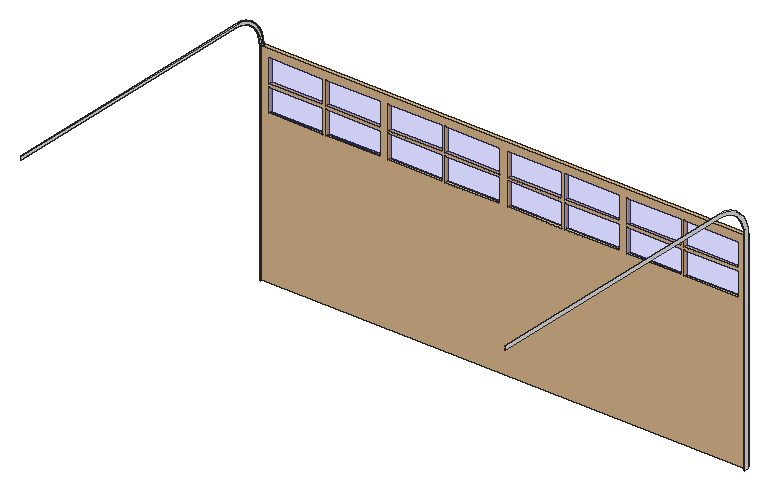
Revit family
Parameters (values of type "7Ft H x 16Ft W")
  Track Width = Width + 0' 2"  # 16' - 2"
  Track Height = Height + 1' 0"  # 8' - 0"
  Track Depth = 10' - 0"
  Track = Metal
  SmartBIM Object Version = 1  # constant formula
  SmartBIM Object Created By = "Reed Construction Data"  # constant formula
  Rough Width = 0' - 0"
  Rough Height = 0' - 0"
  Panel Thickness = 0' - 1 1/2"
  Manufacturer = ""
  Height = 7' - 0"
  Wall Closure = (empty or 0)
  Width = 16' - 0"
  Door Glass = Glass
  Door = Wood
  95 CSI = "08360"  # constant formula
  04 CSI = "08 36 13"  # constant formula
Types (3): name | Track Width | Width
  (no name) | 16' - 2" | 16' - 0"
  7Ft H x 8Ft W | 8' - 2" | 8' - 0"
  7Ft H x 16Ft W | 16' - 2" | 16' - 0"
Reference planes (in)
  plane 1 "Center (Front/Back)": y = 0
  plane 2 "Center (Left/Right)": x = 0
  plane 3 "Left": x = -96
  plane 4 "Right": x = 96
  plane 5 "Top": z = 84
  plane 6: x = -97
  plane 7: x = 97
  plane 8: y = -3.25
  plane 9: z = 60.75
  plane 10: z = 20.25
  plane 11: z = 40.5
  plane 12: z = 81
  plane 13: x = 48
  plane 14: x = -48
  plane 15: y = -2.5
  plane 16: y = -2.5
  plane 17 "Ext": y = -3.25
  plane 18: y = -2.5
  plane 19 "Int": y = -1.75
  plane 20: x = -72
  plane 21: x = -24
  plane 22: x = 24
  plane 23: x = 72
  plane 24: z = 70.875
Forms (in)
  Extrusion 1, solid, material "Wood" <- "Door"
    sketch origin (0, 0, 0) x (1, 0, 0) y (0, 0, 1)
      loop
        line (-97, 84) -> (-97, 0) -> (97, 0) -> (97, 84) -> (-97, 84)
      loop
        line (94.5, 60.75) -> (94.5, 70.375) -> (72.5, 70.375) -> (72.5, 60.75) -> (94.5, 60.75)
      loop
        line (46.5, 60.75) -> (46.5, 70.375) -> (24.5, 70.375) -> (24.5, 60.75) -> (46.5, 60.75)
      loop
        line (49.5, 81) -> (49.5, 71.375) -> (71.5, 71.375) -> (71.5, 81) -> (49.5, 81)
      loop
        line (94.5, 81) -> (72.5, 81) -> (72.5, 71.375) -> (94.5, 71.375) -> (94.5, 81)
      loop
        line (46.5, 81) -> (24.5, 81) -> (24.5, 71.375) -> (46.5, 71.375) -> (46.5, 81)
      loop
        line (-1.5, 60.75) -> (-1.5, 70.375) -> (-23.5, 70.375) -> (-23.5, 60.75) -> (-1.5, 60.75)
      loop
        line (1.5, 81) -> (1.5, 71.375) -> (23.5, 71.375) -> (23.5, 81) -> (1.5, 81)
      loop
        line (-1.5, 81) -> (-23.5, 81) -> (-23.5, 71.375) -> (-1.5, 71.375) -> (-1.5, 81)
      loop
        line (-49.5, 60.75) -> (-49.5, 70.375) -> (-71.5, 70.375) -> (-71.5, 60.75) -> (-49.5, 60.75)
      loop
        line (-46.5, 81) -> (-46.5, 71.375) -> (-24.5, 71.375) -> (-24.5, 81) -> (-46.5, 81)
      loop
        line (-49.5, 81) -> (-71.5, 81) -> (-71.5, 71.375) -> (-49.5, 71.375) -> (-49.5, 81)
      loop
        line (-94.5, 81) -> (-94.5, 71.375) -> (-72.5, 71.375) -> (-72.5, 81) -> (-94.5, 81)
      loop
        line (-72.5, 60.75) -> (-72.5, 70.375) -> (-94.5, 70.375) -> (-94.5, 60.75) -> (-72.5, 60.75)
      loop
        line (-24.5, 60.75) -> (-24.5, 70.375) -> (-46.5, 70.375) -> (-46.5, 60.75) -> (-24.5, 60.75)
      loop
        line (23.5, 60.75) -> (23.5, 70.375) -> (1.5, 70.375) -> (1.5, 60.75) -> (23.5, 60.75)
      loop
        line (71.5, 60.75) -> (71.5, 70.375) -> (49.5, 70.375) -> (49.5, 60.75) -> (71.5, 60.75)
    from 1.75 to 3.25
  Extrusion 2, solid, material "Glass" <- "Door Glass"
    sketch origin (0, 0, 0) x (1, 0, 0) y (0, 0, 1)
      loop
        line (94.5, 81) -> (49.5, 81) -> (49.5, 60.75) -> (94.5, 60.75) -> (94.5, 81)
      loop
        line (46.5, 81) -> (1.5, 81) -> (1.5, 60.75) -> (46.5, 60.75) -> (46.5, 81)
      loop
        line (-1.5, 81) -> (-46.5, 81) -> (-46.5, 60.75) -> (-1.5, 60.75) -> (-1.5, 81)
      loop
        line (-49.5, 81) -> (-94.5, 81) -> (-94.5, 60.75) -> (-49.5, 60.75) -> (-49.5, 81)
    from 2.375 to 2.625
Lines and regions (in)
  Opening 1
    outline origin (-90, -1.75, 0) x (1, 0, 0) y (0, 0, 1)
      loop
        line (-6, 0) -> (186, 0) -> (186, 84) -> (-6, 84) -> (-6, 0)
  model lines
    curve 1: line (1.5, -1.75, 42) -> (46.5, -1.75, 42)
    curve 2: line (94.5, -1.75, 42) -> (94.5, -1.75, 59.25)
    curve 3: line (94.5, -1.75, 59.25) -> (49.5, -1.75, 59.25)
    curve 4: line (93, -1.75, 57.75) -> (51, -1.75, 57.75)
    curve 5: line (3, -1.75, 43.5) -> (45, -1.75, 43.5)
    curve 6: line (93, -1.75, 43.5) -> (93, -1.75, 57.75)
    curve 7: line (1.5, -1.75, 59.25) -> (1.5, -1.75, 42)
    curve 8: line (3, -1.75, 57.75) -> (3, -1.75, 43.5)
    curve 9: line (-1.5, -1.75, 59.25) -> (-1.5, -1.75, 42)
    curve 10: line (-1.5, -1.75, 42) -> (-46.5, -1.75, 42)
    curve 11: line (-94.5, -1.75, 59.25) -> (-49.5, -1.75, 59.25)
    curve 12: line (-93, -1.75, 57.75) -> (-51, -1.75, 57.75)
    curve 13: line (-3, -1.75, 57.75) -> (-3, -1.75, 43.5)
    curve 14: line (-3, -1.75, 43.5) -> (-45, -1.75, 43.5)
    curve 15: line (-94.5, -1.75, 59.25) -> (-94.5, -1.75, 42)
    curve 16: line (-93, -1.75, 57.75) -> (-93, -1.75, 43.5)
    curve 17: line (-94.5, -1.75, 39) -> (-94.5, -1.75, 21.75)
    curve 18: line (-93, -1.75, 37.5) -> (-93, -1.75, 23.25)
    curve 19: line (-94.5, -1.75, 21.75) -> (-49.5, -1.75, 21.75)
    curve 20: line (-1.5, -1.75, 21.75) -> (-1.5, -1.75, 39)
    curve 21: line (-1.5, -1.75, 39) -> (-46.5, -1.75, 39)
    curve 22: line (-3, -1.75, 37.5) -> (-45, -1.75, 37.5)
    curve 23: line (-93, -1.75, 23.25) -> (-51, -1.75, 23.25)
    curve 24: line (-3, -1.75, 23.25) -> (-3, -1.75, 37.5)
    curve 25: line (1.5, -1.75, 21.75) -> (1.5, -1.75, 39)
    curve 26: line (3, -1.75, 23.25) -> (3, -1.75, 37.5)
    curve 27: line (1.5, -1.75, 21.75) -> (46.5, -1.75, 21.75)
    curve 28: line (94.5, -1.75, 21.75) -> (94.5, -1.75, 39)
    curve 29: line (94.5, -1.75, 39) -> (49.5, -1.75, 39)
    curve 30: line (93, -1.75, 37.5) -> (51, -1.75, 37.5)
    curve 31: line (3, -1.75, 23.25) -> (45, -1.75, 23.25)
    curve 32: line (93, -1.75, 23.25) -> (93, -1.75, 37.5)
    curve 33: line (-94.5, -1.75, 1.5) -> (-94.5, -1.75, 18.75)
    curve 34: line (-93, -1.75, 3) -> (-93, -1.75, 17.25)
    curve 35: line (-1.5, -1.75, 1.5) -> (-1.5, -1.75, 18.75)
    curve 36: line (-1.5, -1.75, 18.75) -> (-46.5, -1.75, 18.75)
    curve 37: line (-94.5, -1.75, 1.5) -> (-49.5, -1.75, 1.5)
    curve 38: line (-93, -1.75, 3) -> (-51, -1.75, 3)
    curve 39: line (-3, -1.75, 3) -> (-3, -1.75, 17.25)
    curve 40: line (-3, -1.75, 17.25) -> (-45, -1.75, 17.25)
    curve 41: line (1.5, -1.75, 1.5) -> (1.5, -1.75, 18.75)
    curve 42: line (3, -1.75, 3) -> (3, -1.75, 17.25)
    curve 43: line (94.5, -1.75, 1.5) -> (94.5, -1.75, 18.75)
    curve 44: line (94.5, -1.75, 18.75) -> (49.5, -1.75, 18.75)
    curve 45: line (1.5, -1.75, 1.5) -> (46.5, -1.75, 1.5)
    curve 46: line (3, -1.75, 3) -> (45, -1.75, 3)
    curve 47: line (93, -1.75, 3) -> (93, -1.75, 17.25)
    curve 48: line (93, -1.75, 17.25) -> (51, -1.75, 17.25)
    curve 49: line (3, -1.75, 57.75) -> (1.5, -1.75, 59.25)
    curve 50: line (3, -1.75, 43.5) -> (1.5, -1.75, 42)
    curve 51: line (93, -1.75, 57.75) -> (94.5, -1.75, 59.25)
    curve 52: line (93, -1.75, 43.5) -> (94.5, -1.75, 42)
    curve 53: line (93, -1.75, 23.25) -> (94.5, -1.75, 21.75)
    curve 54: line (93, -1.75, 37.5) -> (94.5, -1.75, 39)
    curve 55: line (93, -1.75, 17.25) -> (94.5, -1.75, 18.75)
    curve 56: line (93, -1.75, 3) -> (94.5, -1.75, 1.5)
    curve 57: line (3, -1.75, 17.25) -> (1.5, -1.75, 18.75)
    curve 58: line (3, -1.75, 3) -> (1.5, -1.75, 1.5)
    curve 59: line (-3, -1.75, 17.25) -> (-1.5, -1.75, 18.75)
    curve 60: line (-3, -1.75, 3) -> (-1.5, -1.75, 1.5)
    curve 61: line (-93, -1.75, 17.25) -> (-94.5, -1.75, 18.75)
    curve 62: line (-93, -1.75, 3) -> (-94.5, -1.75, 1.5)
    curve 63: line (-93, -1.75, 23.25) -> (-94.5, -1.75, 21.75)
    curve 64: line (-93, -1.75, 37.5) -> (-94.5, -1.75, 39)
    curve 65: line (-3, -1.75, 23.25) -> (-1.5, -1.75, 21.75)
    curve 66: line (-3, -1.75, 37.5) -> (-1.5, -1.75, 39)
    curve 67: line (3, -1.75, 23.25) -> (1.5, -1.75, 21.75)
    curve 68: line (3, -1.75, 37.5) -> (1.5, -1.75, 39)
    curve 69: line (-3, -1.75, 57.75) -> (-1.5, -1.75, 59.25)
    curve 70: line (-3, -1.75, 43.5) -> (-1.5, -1.75, 42)
    curve 71: line (-93, -1.75, 57.75) -> (-94.5, -1.75, 59.25)
    curve 72: line (-93, -1.75, 43.5) -> (-94.5, -1.75, 42)
    curve 73: line (-94.5, -3.25, 59.25) -> (-49.5, -3.25, 59.25)
    curve 74: line (-1.5, -3.25, 59.25) -> (-1.5, -3.25, 42)
    curve 75: line (-1.5, -3.25, 42) -> (-46.5, -3.25, 42)
    curve 76: line (-94.5, -3.25, 42) -> (-94.5, -3.25, 59.25)
    curve 77: line (-93, -3.25, 57.75) -> (-51, -3.25, 57.75)
    curve 78: line (-3, -3.25, 57.75) -> (-3, -3.25, 43.5)
    curve 79: line (-3, -3.25, 43.5) -> (-45, -3.25, 43.5)
    curve 80: line (-93, -3.25, 43.5) -> (-93, -3.25, 57.75)
    curve 81: line (3, -3.25, 57.75) -> (3, -3.25, 43.5)
    curve 82: line (3, -3.25, 43.5) -> (45, -3.25, 43.5)
    curve 83: line (93, -3.25, 43.5) -> (93, -3.25, 57.75)
    curve 84: line (93, -3.25, 57.75) -> (51, -3.25, 57.75)
    curve 85: line (1.5, -3.25, 42) -> (46.5, -3.25, 42)
    curve 86: line (94.5, -3.25, 42) -> (94.5, -3.25, 59.25)
    curve 87: line (94.5, -3.25, 59.25) -> (49.5, -3.25, 59.25)
    curve 88: line (1.5, -3.25, 59.25) -> (1.5, -3.25, 42)
    curve 89: line (3, -3.25, 23.25) -> (45, -3.25, 23.25)
    curve 90: line (93, -3.25, 23.25) -> (93, -3.25, 37.5)
    curve 91: line (93, -3.25, 37.5) -> (51, -3.25, 37.5)
    curve 92: line (3, -3.25, 37.5) -> (3, -3.25, 23.25)
    curve 93: line (1.5, -3.25, 21.75) -> (46.5, -3.25, 21.75)
    curve 94: line (94.5, -3.25, 21.75) -> (94.5, -3.25, 39)
    curve 95: line (94.5, -3.25, 39) -> (49.5, -3.25, 39)
    curve 96: line (1.5, -3.25, 39) -> (1.5, -3.25, 21.75)
    curve 97: line (-3, -3.25, 37.5) -> (-45, -3.25, 37.5)
    curve 98: line (-93, -3.25, 37.5) -> (-93, -3.25, 23.25)
    curve 99: line (-93, -3.25, 23.25) -> (-51, -3.25, 23.25)
    curve 100: line (-3, -3.25, 23.25) -> (-3, -3.25, 37.5)
    curve 101: line (-94.5, -3.25, 39) -> (-94.5, -3.25, 21.75)
    curve 102: line (-94.5, -3.25, 21.75) -> (-49.5, -3.25, 21.75)
    curve 103: line (-1.5, -3.25, 21.75) -> (-1.5, -3.25, 39)
    curve 104: line (-1.5, -3.25, 39) -> (-46.5, -3.25, 39)
    curve 105: line (-93, -3.25, 3) -> (-93, -3.25, 17.25)
    curve 106: line (-93, -3.25, 17.25) -> (-51, -3.25, 17.25)
    curve 107: line (-3, -3.25, 17.25) -> (-3, -3.25, 3)
    curve 108: line (-3, -3.25, 3) -> (-45, -3.25, 3)
    curve 109: line (-94.5, -3.25, 1.5) -> (-49.5, -3.25, 1.5)
    curve 110: line (-1.5, -3.25, 1.5) -> (-1.5, -3.25, 18.75)
    curve 111: line (-1.5, -3.25, 18.75) -> (-46.5, -3.25, 18.75)
    curve 112: line (-94.5, -3.25, 18.75) -> (-94.5, -3.25, 1.5)
    curve 113: line (1.5, -3.25, 1.5) -> (46.5, -3.25, 1.5)
    curve 114: line (94.5, -3.25, 1.5) -> (94.5, -3.25, 18.75)
    curve 115: line (94.5, -3.25, 18.75) -> (49.5, -3.25, 18.75)
    curve 116: line (1.5, -3.25, 18.75) -> (1.5, -3.25, 1.5)
    curve 117: line (93, -3.25, 17.25) -> (51, -3.25, 17.25)
    curve 118: line (3, -3.25, 17.25) -> (3, -3.25, 3)
    curve 119: line (3, -3.25, 3) -> (45, -3.25, 3)
    curve 120: line (93, -3.25, 3) -> (93, -3.25, 17.25)
    curve 121: line (-93, -3.25, 57.75) -> (-94.5, -3.25, 59.25)
    curve 122: line (-3, -3.25, 57.75) -> (-1.5, -3.25, 59.25)
    curve 123: line (-3, -3.25, 43.5) -> (-1.5, -3.25, 42)
    curve 124: line (-93, -3.25, 43.5) -> (-94.5, -3.25, 42)
    curve 125: line (3, -3.25, 57.75) -> (1.5, -3.25, 59.25)
    curve 126: line (93, -3.25, 57.75) -> (94.5, -3.25, 59.25)
    curve 127: line (93, -3.25, 43.5) -> (94.5, -3.25, 42)
    curve 128: line (3, -3.25, 43.5) -> (1.5, -3.25, 42)
    curve 129: line (3, -3.25, 37.5) -> (1.5, -3.25, 39)
    curve 130: line (93, -3.25, 37.5) -> (94.5, -3.25, 39)
    curve 131: line (93, -3.25, 23.25) -> (94.5, -3.25, 21.75)
    curve 132: line (3, -3.25, 23.25) -> (1.5, -3.25, 21.75)
    curve 133: line (-3, -3.25, 23.25) -> (-1.5, -3.25, 21.75)
    curve 134: line (-3, -3.25, 37.5) -> (-1.5, -3.25, 39)
    curve 135: line (-93, -3.25, 37.5) -> (-94.5, -3.25, 39)
    curve 136: line (-93, -3.25, 23.25) -> (-94.5, -3.25, 21.75)
    curve 137: line (-93, -3.25, 17.25) -> (-94.5, -3.25, 18.75)
    curve 138: line (-3, -3.25, 17.25) -> (-1.5, -3.25, 18.75)
    curve 139: line (-3, -3.25, 3) -> (-1.5, -3.25, 1.5)
    curve 140: line (-93, -3.25, 3) -> (-94.5, -3.25, 1.5)
    curve 141: line (3, -3.25, 3) -> (1.5, -3.25, 1.5)
    curve 142: line (3, -3.25, 17.25) -> (1.5, -3.25, 18.75)
    curve 143: line (93, -3.25, 17.25) -> (94.5, -3.25, 18.75)
    curve 144: line (93, -3.25, 3) -> (94.5, -3.25, 1.5)
    curve 145: line (-49.5, -3.25, 1.5) -> (-49.5, -3.25, 18.75)
    curve 146: line (-46.5, -3.25, 59.25) -> (-46.5, -3.25, 42)
    curve 147: line (46.5, -3.25, 1.5) -> (46.5, -3.25, 18.75)
    curve 148: line (49.5, -3.25, 59.25) -> (49.5, -3.25, 42)
    curve 149: line (45, -3.25, 3) -> (45, -3.25, 17.25)
    curve 150: line (51, -3.25, 57.75) -> (51, -3.25, 43.5)
    curve 151: line (-45, -3.25, 57.75) -> (-45, -3.25, 43.5)
    curve 152: line (-51, -3.25, 3) -> (-51, -3.25, 17.25)
    curve 153: line (-51, -3.25, 23.25) -> (-51, -3.25, 37.5)
    curve 154: line (-46.5, -3.25, 18.75) -> (-46.5, -3.25, 1.5)
    curve 155: line (-45, -3.25, 17.25) -> (-45, -3.25, 3)
    curve 156: line (45, -3.25, 23.25) -> (45, -3.25, 37.5)
    curve 157: line (46.5, -3.25, 21.75) -> (46.5, -3.25, 39)
    curve 158: line (49.5, -3.25, 18.75) -> (49.5, -3.25, 1.5)
    curve 159: line (51, -3.25, 17.25) -> (51, -3.25, 3)
    curve 160: line (45, -3.25, 17.25) -> (3, -3.25, 17.25)
    curve 161: line (46.5, -3.25, 18.75) -> (1.5, -3.25, 18.75)
    curve 162: line (49.5, -3.25, 21.75) -> (94.5, -3.25, 21.75)
    curve 163: line (51, -3.25, 23.25) -> (93, -3.25, 23.25)
    curve 164: line (45, -3.25, 37.5) -> (3, -3.25, 37.5)
    curve 165: line (46.5, -3.25, 39) -> (1.5, -3.25, 39)
    curve 166: line (49.5, -3.25, 42) -> (94.5, -3.25, 42)
    curve 167: line (51, -3.25, 43.5) -> (93, -3.25, 43.5)
    curve 168: line (45, -3.25, 57.75) -> (3, -3.25, 57.75)
    curve 169: line (46.5, -3.25, 59.25) -> (1.5, -3.25, 59.25)
    curve 170: line (49.5, -3.25, 1.5) -> (94.5, -3.25, 1.5)
    curve 171: line (51, -3.25, 3) -> (93, -3.25, 3)
    curve 172: line (-46.5, -3.25, 1.5) -> (-1.5, -3.25, 1.5)
    curve 173: line (-51, -3.25, 3) -> (-93, -3.25, 3)
    curve 174: line (-45, -3.25, 17.25) -> (-3, -3.25, 17.25)
    curve 175: line (-49.5, -3.25, 18.75) -> (-94.5, -3.25, 18.75)
    curve 176: line (-49.5, -3.25, 21.75) -> (-49.5, -3.25, 39)
    curve 177: line (45, -3.25, 43.5) -> (45, -3.25, 57.75)
    curve 178: line (46.5, -3.25, 42) -> (46.5, -3.25, 59.25)
    curve 179: line (49.5, -3.25, 39) -> (49.5, -3.25, 21.75)
    curve 180: line (51, -3.25, 37.5) -> (51, -3.25, 23.25)
    curve 181: line (-51, -3.25, 43.5) -> (-51, -3.25, 57.75)
    curve 182: line (-49.5, -3.25, 42) -> (-49.5, -3.25, 59.25)
    curve 183: line (-46.5, -3.25, 39) -> (-46.5, -3.25, 21.75)
    curve 184: line (-45, -3.25, 37.5) -> (-45, -3.25, 23.25)
    curve 185: line (-51, -3.25, 37.5) -> (-93, -3.25, 37.5)
    curve 186: line (-49.5, -3.25, 39) -> (-94.5, -3.25, 39)
    curve 187: line (-49.5, -3.25, 42) -> (-94.5, -3.25, 42)
    curve 188: line (-51, -3.25, 43.5) -> (-93, -3.25, 43.5)
    curve 189: line (-45, -3.25, 57.75) -> (-3, -3.25, 57.75)
    curve 190: line (-46.5, -3.25, 59.25) -> (-1.5, -3.25, 59.25)
    curve 191: line (-45, -3.25, 23.25) -> (-3, -3.25, 23.25)
    curve 192: line (-46.5, -3.25, 21.75) -> (-1.5, -3.25, 21.75)
    curve 193: line (-51, -3.25, 37.5) -> (-49.5, -3.25, 39)
    curve 194: line (-49.5, -3.25, 21.75) -> (-51, -3.25, 23.25)
    curve 195: line (-51, -3.25, 17.25) -> (-49.5, -3.25, 18.75)
    curve 196: line (-51, -3.25, 3) -> (-49.5, -3.25, 1.5)
    curve 197: line (-46.5, -3.25, 1.5) -> (-45, -3.25, 3)
    curve 198: line (-45, -3.25, 17.25) -> (-46.5, -3.25, 18.75)
    curve 199: line (-45, -3.25, 23.25) -> (-46.5, -3.25, 21.75)
    curve 200: line (-45, -3.25, 43.5) -> (-46.5, -3.25, 42)
    curve 201: line (-51, -3.25, 43.5) -> (-49.5, -3.25, 42)
    curve 202: line (45, -3.25, 43.5) -> (46.5, -3.25, 42)
    curve 203: line (49.5, -3.25, 42) -> (51, -3.25, 43.5)
    curve 204: line (51, -3.25, 37.5) -> (49.5, -3.25, 39)
    curve 205: line (45, -3.25, 37.5) -> (46.5, -3.25, 39)
    curve 206: line (45, -3.25, 23.25) -> (46.5, -3.25, 21.75)
    curve 207: line (51, -3.25, 17.25) -> (49.5, -3.25, 18.75)
    curve 208: line (45, -3.25, 17.25) -> (46.5, -3.25, 18.75)
    curve 209: line (45, -3.25, 3) -> (46.5, -3.25, 1.5)
    curve 210: line (49.5, -3.25, 1.5) -> (51, -3.25, 3)
    curve 211: line (46.5, -1.75, 59.25) -> (1.5, -1.75, 59.25)
    curve 212: line (45, -1.75, 57.75) -> (3, -1.75, 57.75)
    curve 213: line (51, -1.75, 43.5) -> (93, -1.75, 43.5)
    curve 214: line (49.5, -1.75, 42) -> (94.5, -1.75, 42)
    curve 215: line (46.5, -1.75, 39) -> (1.5, -1.75, 39)
    curve 216: line (45, -1.75, 37.5) -> (3, -1.75, 37.5)
    curve 217: line (51, -1.75, 23.25) -> (93, -1.75, 23.25)
    curve 218: line (49.5, -1.75, 21.75) -> (94.5, -1.75, 21.75)
    curve 219: line (46.5, -1.75, 18.75) -> (1.5, -1.75, 18.75)
    curve 220: line (45, -1.75, 17.25) -> (3, -1.75, 17.25)
    curve 221: line (51, -1.75, 3) -> (93, -1.75, 3)
    curve 222: line (49.5, -1.75, 1.5) -> (94.5, -1.75, 1.5)
    curve 223: line (51, -1.75, 17.25) -> (51, -1.75, 3)
    curve 224: line (51, -1.75, 3) -> (49.5, -1.75, 1.5)
    curve 225: line (49.5, -1.75, 1.5) -> (49.5, -1.75, 18.75)
    curve 226: line (49.5, -1.75, 18.75) -> (51, -1.75, 17.25)
    curve 227: line (46.5, -1.75, 1.5) -> (46.5, -1.75, 18.75)
    curve 228: line (46.5, -1.75, 18.75) -> (45, -1.75, 17.25)
    curve 229: line (45, -1.75, 17.25) -> (45, -1.75, 3)
    curve 230: line (45, -1.75, 3) -> (46.5, -1.75, 1.5)
    curve 231: line (51, -3.25, 23.25) -> (49.5, -3.25, 21.75)
    curve 232: line (51, -1.75, 37.5) -> (51, -1.75, 23.25)
    curve 233: line (51, -1.75, 23.25) -> (49.5, -1.75, 21.75)
    curve 234: line (49.5, -1.75, 21.75) -> (49.5, -1.75, 39)
    curve 235: line (49.5, -1.75, 39) -> (51, -1.75, 37.5)
    curve 236: line (46.5, -1.75, 21.75) -> (46.5, -1.75, 39)
    curve 237: line (46.5, -1.75, 39) -> (45, -1.75, 37.5)
    curve 238: line (45, -1.75, 37.5) -> (45, -1.75, 23.25)
    curve 239: line (45, -1.75, 23.25) -> (46.5, -1.75, 21.75)
    curve 240: line (-51, -3.25, 57.75) -> (-49.5, -3.25, 59.25)
    curve 241: line (-45, -3.25, 57.75) -> (-46.5, -3.25, 59.25)
    curve 242: line (51, -1.75, 57.75) -> (49.5, -1.75, 59.25)
    curve 243: line (45, -1.75, 57.75) -> (46.5, -1.75, 59.25)
    curve 244: line (51, -1.75, 43.5) -> (49.5, -1.75, 42)
    curve 245: line (49.5, -1.75, 42) -> (49.5, -1.75, 59.25)
    curve 246: line (51, -1.75, 43.5) -> (51, -1.75, 57.75)
    curve 247: line (45, -1.75, 57.75) -> (45, -1.75, 43.5)
    curve 248: line (45, -1.75, 43.5) -> (46.5, -1.75, 42)
    curve 249: line (46.5, -1.75, 42) -> (46.5, -1.75, 59.25)
    curve 250: line (-46.5, -1.75, 59.25) -> (-1.5, -1.75, 59.25)
    curve 251: line (-45, -1.75, 57.75) -> (-3, -1.75, 57.75)
    curve 252: line (-51, -1.75, 43.5) -> (-93, -1.75, 43.5)
    curve 253: line (-49.5, -1.75, 42) -> (-94.5, -1.75, 42)
    curve 254: line (-49.5, -1.75, 39) -> (-94.5, -1.75, 39)
    curve 255: line (-51, -1.75, 37.5) -> (-93, -1.75, 37.5)
    curve 256: line (-45, -1.75, 23.25) -> (-3, -1.75, 23.25)
    curve 257: line (-46.5, -1.75, 21.75) -> (-1.5, -1.75, 21.75)
    curve 258: line (-49.5, -1.75, 18.75) -> (-94.5, -1.75, 18.75)
    curve 259: line (-51, -1.75, 17.25) -> (-93, -1.75, 17.25)
    curve 260: line (-45, -1.75, 3) -> (-3, -1.75, 3)
    curve 261: line (-46.5, -1.75, 1.5) -> (-1.5, -1.75, 1.5)
    curve 262: line (-45, -1.75, 17.25) -> (-46.5, -1.75, 18.75)
    curve 263: line (-46.5, -1.75, 18.75) -> (-46.5, -1.75, 1.5)
    curve 264: line (-46.5, -1.75, 1.5) -> (-45, -1.75, 3)
    curve 265: line (-45, -1.75, 3) -> (-45, -1.75, 17.25)
    curve 266: line (-51, -1.75, 17.25) -> (-49.5, -1.75, 18.75)
    curve 267: line (-49.5, -1.75, 18.75) -> (-49.5, -1.75, 1.5)
    curve 268: line (-49.5, -1.75, 1.5) -> (-51, -1.75, 3)
    curve 269: line (-51, -1.75, 3) -> (-51, -1.75, 17.25)
    curve 270: line (-49.5, -1.75, 21.75) -> (-49.5, -1.75, 39)
    curve 271: line (-49.5, -1.75, 39) -> (-51, -1.75, 37.5)
    curve 272: line (-51, -1.75, 37.5) -> (-51, -1.75, 23.25)
    curve 273: line (-51, -1.75, 23.25) -> (-49.5, -1.75, 21.75)
    curve 274: line (-51, -1.75, 43.5) -> (-51, -1.75, 57.75)
    curve 275: line (-51, -1.75, 57.75) -> (-49.5, -1.75, 59.25)
    curve 276: line (-49.5, -1.75, 59.25) -> (-49.5, -1.75, 42)
    curve 277: line (-49.5, -1.75, 42) -> (-51, -1.75, 43.5)
    curve 278: line (-45, -1.75, 57.75) -> (-45, -1.75, 43.5)
    curve 279: line (-45, -1.75, 43.5) -> (-46.5, -1.75, 42)
    curve 280: line (-46.5, -1.75, 42) -> (-46.5, -1.75, 59.25)
    curve 281: line (-46.5, -1.75, 59.25) -> (-45, -1.75, 57.75)
    curve 282: line (45, -3.25, 57.75) -> (46.5, -3.25, 59.25)
    curve 283: line (51, -3.25, 57.75) -> (49.5, -3.25, 59.25)
    curve 284: line (-45, -1.75, 23.25) -> (-45, -1.75, 37.5)
    curve 285: line (-45, -1.75, 37.5) -> (-46.5, -1.75, 39)
    curve 286: line (-46.5, -1.75, 39) -> (-46.5, -1.75, 21.75)
    curve 287: line (-46.5, -1.75, 21.75) -> (-45, -1.75, 23.25)
Text (in)
  text "Exterior" at (-74.96733, 27.31104, 0), in view "Ref. Level"
  text "Interior" at (-76.69036, -30.31274, 0), in view "Ref. Level"
  text "Exterior" at (0, 40.15149, 123.01588), in view "Right"
  text "Interior" at (0, -64.39139, 123.01588), in view "Right"
  text "Interior" at (0, -31.01599, 123.00693), in view "Left"
  text "Exterior" at (0, 54.57065, 123.00693), in view "Left"
Dimensions and locks (in)
  equal spacing: plane 3 "Left", plane 2 "Center (Left/Right)", plane 4 "Right"
  "Height": level to plane 5 "Top"
  "Width": plane 3 "Left" to plane 4 "Right"
  locked: plane 6 to plane 3 "Left" at 1
  locked: plane 4 "Right" to plane 7 at 1
  locked: plane 12 to plane 5 "Top" at 3
  equal spacing: level, plane 10, plane 11, plane 9, plane 12
  equal spacing: plane 2 "Center (Left/Right)", plane 13, plane 4 "Right"
  equal spacing: plane 2 "Center (Left/Right)", plane 14, plane 3 "Left"
  locked: Extrusion 1 sketch curve to plane 4 "Right" at 1.5
  equal spacing: Extrusion 1 sketch curve, plane 13, Extrusion 1 sketch curve
  locked: Extrusion 1 sketch curve to Extrusion 1 sketch curve at 3  (x3)
  equal spacing: Extrusion 1 sketch curve, plane 2 "Center (Left/Right)", Extrusion 1 sketch curve
  equal spacing: Extrusion 1 sketch curve, plane 14, Extrusion 1 sketch curve
  locked: Extrusion 1 sketch curve to plane 3 "Left" at 1.5
  locked: Extrusion 2 to Extrusion 2 at 0.25  (x2)
  host wall to plane 15 to plane 8 = 0' - 0 3/4", 0' - 0 3/4"
  equal spacing: Extrusion 2, plane 16, Extrusion 2
  plane 14 to Extrusion 1 = 0' - 1 1/2"
  equal spacing: plane 17 "Ext", plane 18, plane 19 "Int"
  locked: curve 6 to curve 2 at 1.5
  locked: curve 4 to curve 3 at 1.5
  locked: curve 214 to curve 213 at 1.5
  locked: curve 8 to curve 7 at 1.5
  locked: curve 9 to curve 13 at 1.5
  locked: curve 15 to curve 16 at 1.5
  "Panel Thickness": plane 19 "Int" to plane 17 "Ext"
  equal spacing: Extrusion 1 sketch curve, plane 23, Extrusion 1 sketch curve  (x2)
  equal spacing: plane 13, plane 23, plane 4 "Right"
  equal spacing: plane 13, plane 22, plane 2 "Center (Left/Right)"
  equal spacing: Extrusion 1 sketch curve, plane 22, Extrusion 1 sketch curve
  locked: Extrusion 1 sketch curve to Extrusion 1 sketch curve at 1  (x4)
  equal spacing: plane 2 "Center (Left/Right)", plane 21, plane 14
  equal spacing: Extrusion 1 sketch curve, plane 21, Extrusion 1 sketch curve
  equal spacing: plane 3 "Left", plane 20, plane 14
  equal spacing: Extrusion 1 sketch curve, plane 20, Extrusion 1 sketch curve
  equal spacing: plane 12, plane 24, plane 9
  equal spacing: Extrusion 1 sketch curve, plane 24, Extrusion 1 sketch curve
  aligned and locked: plane 3 "Left" to Opening 1 sketch curve
  aligned and locked: plane 5 "Top" to Opening 1 sketch curve
  aligned and locked: Opening 1 sketch curve to plane 5 "Top"
  aligned and locked: Opening 1 sketch curve to plane 4 "Right"
  aligned and locked: Opening 1 sketch curve to level
  aligned and locked: Extrusion 1 sketch curve to plane 6
  aligned and locked: Extrusion 1 sketch curve to plane 7
  aligned and locked: Extrusion 1 sketch curve to level
  aligned and locked: Extrusion 1 sketch curve to host wall
  aligned and locked: plane 12 to Extrusion 1 sketch curve  (x4)
  aligned and locked: plane 9 to Extrusion 1 sketch curve  (x4)
  aligned and locked: Extrusion 1 sketch curve to plane 9
  aligned and locked: Extrusion 2 sketch curve to Extrusion 1  (x16)
  aligned and locked: plane 15 to plane 16
  aligned and locked: host wall to plane 19 "Int"
  aligned and locked: plane 16 to plane 18
  aligned and locked: plane 17 "Ext" to Extrusion 1
  aligned and locked: Extrusion 1 to host wall
  aligned and locked: Extrusion 1 sketch curve to Extrusion 1 sketch curve  (x18)
  aligned and locked: curve 73 to curve 11
  aligned and locked: curve 74 to curve 9
  aligned and locked: curve 75 to curve 10
  aligned and locked: curve 76 to curve 15
  aligned and locked: curve 77 to curve 12
  aligned and locked: curve 78 to curve 13
  aligned and locked: curve 79 to curve 14
  aligned and locked: curve 80 to curve 16
  aligned and locked: curve 81 to curve 8
  aligned and locked: curve 82 to curve 5
  aligned and locked: curve 83 to curve 6
  aligned and locked: curve 84 to curve 4
  aligned and locked: curve 85 to curve 1
  aligned and locked: curve 86 to curve 2
  aligned and locked: curve 87 to curve 3
  aligned and locked: curve 88 to curve 7
  aligned and locked: curve 89 to curve 31
  aligned and locked: curve 90 to curve 32
  aligned and locked: curve 91 to curve 30
  aligned and locked: curve 92 to curve 26
  aligned and locked: curve 93 to curve 27
  aligned and locked: curve 94 to curve 28
  aligned and locked: curve 95 to curve 29
  aligned and locked: curve 96 to curve 25
  aligned and locked: curve 97 to curve 22
  aligned and locked: curve 98 to curve 18
  aligned and locked: curve 99 to curve 23
  aligned and locked: curve 100 to curve 24
  aligned and locked: curve 101 to curve 17
  aligned and locked: curve 102 to curve 19
  aligned and locked: curve 103 to curve 20
  aligned and locked: curve 104 to curve 21
  aligned and locked: curve 105 to curve 34
  aligned and locked: curve 106 to curve 259
  aligned and locked: curve 107 to curve 39
  aligned and locked: curve 108 to curve 260
  aligned and locked: curve 109 to curve 37
  aligned and locked: curve 110 to curve 35
  aligned and locked: curve 111 to curve 36
  aligned and locked: curve 112 to curve 33
  aligned and locked: curve 113 to curve 45
  aligned and locked: curve 114 to curve 43
  aligned and locked: curve 115 to curve 44
  aligned and locked: curve 116 to curve 41
  aligned and locked: curve 117 to curve 48
  aligned and locked: curve 118 to curve 42
  aligned and locked: curve 119 to curve 46
  aligned and locked: curve 120 to curve 47
  aligned and locked: curve 121 to curve 71
  aligned and locked: curve 122 to curve 69
  aligned and locked: curve 123 to curve 70
  aligned and locked: curve 124 to curve 72
  aligned and locked: curve 125 to curve 49
  aligned and locked: curve 126 to curve 51
  aligned and locked: curve 127 to curve 52
  aligned and locked: curve 128 to curve 50
  aligned and locked: curve 129 to curve 68
  aligned and locked: curve 130 to curve 54
  aligned and locked: curve 131 to curve 53
  aligned and locked: curve 132 to curve 67
  aligned and locked: curve 133 to curve 65
  aligned and locked: curve 134 to curve 66
  aligned and locked: curve 135 to curve 64
  aligned and locked: curve 136 to curve 63
  aligned and locked: curve 137 to curve 61
  aligned and locked: curve 138 to curve 59
  aligned and locked: curve 139 to curve 60
  aligned and locked: curve 140 to curve 62
  aligned and locked: curve 141 to curve 58
  aligned and locked: curve 142 to curve 57
  aligned and locked: curve 143 to curve 55
  aligned and locked: curve 144 to curve 56
  aligned and locked: curve 199 to curve 195
  aligned and locked: curve 200 to curve 193
  aligned and locked: curve 205 to curve 203
  aligned and locked: curve 207 to curve 206
  aligned and locked: curve 223 to curve 159
  aligned and locked: curve 224 to curve 210
  aligned and locked: curve 225 to curve 158
  aligned and locked: curve 226 to curve 207
  aligned and locked: curve 227 to curve 147
  aligned and locked: curve 228 to curve 208
  aligned and locked: curve 229 to curve 149
  aligned and locked: curve 230 to curve 209
  aligned and locked: curve 232 to curve 180
  aligned and locked: curve 233 to curve 231
  aligned and locked: curve 234 to curve 179
  aligned and locked: curve 235 to curve 204
  aligned and locked: curve 236 to curve 157
  aligned and locked: curve 237 to curve 205
  aligned and locked: curve 238 to curve 156
  aligned and locked: curve 239 to curve 206
  aligned and locked: curve 245 to curve 148
  aligned and locked: curve 246 to curve 150
  aligned and locked: curve 247 to curve 177
  aligned and locked: curve 248 to curve 202
  aligned and locked: curve 249 to curve 178
  aligned and locked: curve 262 to curve 198
  aligned and locked: curve 263 to curve 154
  aligned and locked: curve 264 to curve 197
  aligned and locked: curve 265 to curve 155
  aligned and locked: curve 266 to curve 195
  aligned and locked: curve 267 to curve 145
  aligned and locked: curve 268 to curve 196
  aligned and locked: curve 269 to curve 152
  aligned and locked: curve 270 to curve 176
  aligned and locked: curve 271 to curve 193
  aligned and locked: curve 272 to curve 153
  aligned and locked: curve 273 to curve 194
  aligned and locked: curve 274 to curve 181
  aligned and locked: curve 275 to curve 240
  aligned and locked: curve 276 to curve 182
  aligned and locked: curve 277 to curve 201
  aligned and locked: curve 278 to curve 151
  aligned and locked: curve 279 to curve 200
  aligned and locked: curve 280 to curve 146
  aligned and locked: curve 281 to curve 241
  aligned and locked: curve 282 to curve 243
  aligned and locked: curve 283 to curve 242
  aligned and locked: curve 284 to curve 184
  aligned and locked: curve 286 to curve 183
  aligned and locked: curve 287 to curve 199
  aligned and locked: nested 1 to plane 2 "Center (Left/Right)"
  aligned and locked: nested 1 to plane 17 "Ext"
Automatic sketch dimensions
  Extrusion 1 sketch curve to plane 9 = 0' - 0"  (x3)
  Extrusion 1 sketch curve to plane 12 = 0' - 0"  (x4)
  Extrusion 1 sketch curve to Extrusion 1 sketch curve = 0' - 0"  (x6)
  plane 14 to Extrusion 1 sketch curve = 0' - 1 1/2"
  Extrusion 1 sketch curve to plane 2 "Center (Left/Right)" = 0' - 1 1/2"
  plane 2 "Center (Left/Right)" to Extrusion 1 sketch curve = 0' - 1 1/2"
  Extrusion 1 sketch curve to plane 13 = 0' - 1 1/2"
  Extrusion 1 sketch curve to Extrusion 1 sketch curve = 0' - 1"  (x2)
  Extrusion 1 sketch curve to plane 23 = 0' - 0 1/2"
  curve 258 to plane 3 "Left" = 0' - 1 1/2"
  curve 17 to plane 3 "Left" = 0' - 1 1/2"
  curve 15 to plane 3 "Left" = 0' - 1 1/2"
  curve 17 to curve 64 = 0' - 1 1/2"
  curve 33 to curve 259 = 0' - 1 1/2"
  plane 14 to curve 266 = 0' - 3"
  plane 14 to curve 255 = 0' - 3"
  plane 14 to curve 12 = 0' - 3"
  plane 14 to curve 277 = 0' - 1 1/2"
  plane 14 to curve 270 = 0' - 1 1/2"
  plane 14 to curve 268 = 0' - 1 1/2"
  curve 262 to plane 14 = 0' - 1 1/2"
  curve 285 to plane 14 = 0' - 1 1/2"
  curve 281 to plane 14 = 0' - 1 1/2"
  curve 36 to curve 40 = 0' - 1 1/2"
  curve 250 to curve 278 = 0' - 1 1/2"
  curve 21 to curve 22 = 0' - 1 1/2"
  curve 260 to plane 2 "Center (Left/Right)" = 0' - 3"
  curve 24 to plane 2 "Center (Left/Right)" = 0' - 3"
  curve 251 to plane 2 "Center (Left/Right)" = 0' - 3"
  curve 35 to plane 2 "Center (Left/Right)" = 0' - 1 1/2"
  curve 20 to plane 2 "Center (Left/Right)" = 0' - 1 1/2"
  plane 2 "Center (Left/Right)" to curve 1 = 0' - 1 1/2"
  plane 2 "Center (Left/Right)" to curve 68 = 0' - 1 1/2"
  plane 2 "Center (Left/Right)" to curve 58 = 0' - 1 1/2"
  curve 41 to curve 220 = 0' - 1 1/2"
  curve 25 to curve 67 = 0' - 1 1/2"
  plane 13 to curve 229 = 0' - 3"
  plane 13 to curve 243 = 0' - 3"
  plane 13 to curve 31 = 0' - 3"
  plane 13 to curve 236 = 0' - 1 1/2"
  plane 13 to curve 45 = 0' - 1 1/2"
  plane 13 to curve 243 = 0' - 1 1/2"
  curve 214 to plane 13 = 0' - 1 1/2"
  curve 234 to plane 13 = 0' - 1 1/2"
  curve 44 to plane 13 = 0' - 1 1/2"
  curve 44 to curve 223 = 0' - 1 1/2"
  curve 3 to curve 242 = 0' - 1 1/2"
  curve 29 to curve 30 = 0' - 1 1/2"
  plane 4 "Right" to curve 47 = 0' - 3"
  plane 4 "Right" to curve 51 = 0' - 3"
  plane 4 "Right" to curve 217 = 0' - 3"
  plane 4 "Right" to curve 28 = 0' - 1 1/2"
  plane 4 "Right" to curve 55 = 0' - 1 1/2"
  level to curve 43 = 0' - 1 1/2"
  level to curve 261 = 0' - 1 1/2"
  level to curve 227 = 0' - 1 1/2"
  level to curve 62 = 0' - 1 1/2"
  curve 35 to curve 60 = 0' - 1 1/2"
  curve 33 to curve 34 = 0' - 1 1/2"
  curve 43 to curve 221 = 0' - 1 1/2"
  curve 45 to curve 229 = 0' - 1 1/2"
  curve 259 to plane 10 = 0' - 3"
  curve 223 to plane 10 = 0' - 3"
  curve 42 to plane 10 = 0' - 3"
  curve 59 to plane 10 = 0' - 3"
  curve 227 to plane 10 = 0' - 1 1/2"
  curve 36 to plane 10 = 0' - 1 1/2"
  curve 33 to plane 10 = 0' - 1 1/2"
  curve 226 to plane 10 = 0' - 1 1/2"
  plane 10 to curve 236 = 0' - 1 1/2"
  plane 10 to curve 273 = 0' - 1 1/2"
  plane 10 to curve 65 = 0' - 1 1/2"
  plane 10 to curve 28 = 0' - 1 1/2"
  curve 257 to curve 287 = 0' - 1 1/2"
  curve 28 to curve 53 = 0' - 1 1/2"
  curve 19 to curve 273 = 0' - 1 1/2"
  curve 27 to curve 239 = 0' - 1 1/2"
  curve 272 to plane 11 = 0' - 3"
  curve 26 to plane 11 = 0' - 3"
  curve 30 to plane 11 = 0' - 3"
  curve 24 to plane 11 = 0' - 3"
  curve 215 to plane 11 = 0' - 1 1/2"
  curve 254 to plane 11 = 0' - 1 1/2"
  curve 286 to plane 11 = 0' - 1 1/2"
  curve 54 to plane 11 = 0' - 1 1/2"
  plane 11 to curve 50 = 0' - 1 1/2"
  plane 11 to curve 52 = 0' - 1 1/2"
  plane 11 to curve 70 = 0' - 1 1/2"
  plane 11 to curve 72 = 0' - 1 1/2"
  curve 15 to curve 72 = 0' - 1 1/2"
  curve 9 to curve 13 = 0' - 1 1/2"
  curve 1 to curve 5 = 0' - 1 1/2"
  curve 6 to plane 9 = 0' - 3"
  curve 71 to plane 9 = 0' - 3"
  curve 212 to plane 9 = 0' - 3"
  curve 69 to plane 9 = 0' - 3"
  curve 11 to plane 9 = 0' - 1 1/2"
  curve 250 to plane 9 = 0' - 1 1/2"
  curve 7 to plane 9 = 0' - 1 1/2"
Nested families (in)
  nested 1: "Door Track" at (-0.5, -64, 0), Width <- "Track Width", Height <- "Track Height", Depth <- "Track Depth", type "Door Track"
    with Width 16' - 2", Height 8' - 0", Depth 10' - 0"
Definition of nested family "Door Track"
  Parameters
    Width [instance] = 10' - 0"
    Track = Metal
    Height [instance] = 11' - 0"
    Depth [instance] = 10' - 0"
  Reference planes (in)
    plane 1 "Center (Front/Back)": y = 0
    plane 2: z = 0
    plane 3 "Center (Left/Right)": x = 0.5
    plane 4 "Back": y = 60
    plane 5 "Front": y = -60
    plane 6 "Left": x = -59.5
    plane 7 "Right": x = 60.5
    plane 8 "Top": z = 132
    plane 9 "Center (Up/Down)": z = 66
    plane 10: y = 60.75
    plane 11: y = 61.5
  Forms (in)
    Sweep 1, solid, material "Metal" <- "Track"
      path origin (60.5, 60, 48) x (0, 1, 0) y (0, 0, 1)
        loop
          line (0, -48) -> (0, 72)
          arc (0, 72) -> (-3.51472, 80.48528) -> (-12, 84) r 12
          line (-12, 84) -> (-120, 84)
      profile origin (60.5, -6, 132) x (0, 0, -1) y (1, 0, 0)
        loop
          line (-1.5, 0) -> (-1.375, 0) -> (-1.375, 0.375) -> (-0.125, 0.375) -> (-0.125, 0) -> (0, 0) -> (0, 0.5) -> (-1.5, 0.5) -> (-1.5, 0)
    Sweep 2, solid, material "Metal" <- "Track"
      path origin (-59.5, 60, 48) x (0, 1, 0) y (0, 0, 1)
        loop
          line (0, -48) -> (0, 72)
          arc (0, 72) -> (-3.51472, 80.48528) -> (-12, 84) r 12
          line (-12, 84) -> (-120, 84)
      profile origin (-59.5, -6, 132) x (0, 0, -1) y (1, 0, 0)
        loop
          line (-1.5, 0) -> (-1.5, -0.5) -> (0, -0.5) -> (0, 0) -> (-0.125, 0) -> (-0.125, -0.375) -> (-1.375, -0.375) -> (-1.375, 0) -> (-1.5, 0)
  Dimensions and locks (in)
    equal spacing: plane 6 "Left", plane 3 "Center (Left/Right)", plane 7 "Right"
    "Width": plane 6 "Left" to plane 7 "Right"
    equal spacing: plane 4 "Back", plane 1 "Center (Front/Back)", plane 5 "Front"
    "Depth": plane 4 "Back" to plane 5 "Front"
    "Height": plane 8 "Top" to plane 2
    equal spacing: plane 8 "Top", plane 9 "Center (Up/Down)", level
    locked: Sweep 2 sketch curve to Sweep 2 sketch curve at 0.125  (x3)
    locked: Sweep 2 sketch curve to Sweep 2 sketch curve at 0.5  (x2)
    locked: Sweep 2 sketch curve to Sweep 2 sketch curve at 1.5
    locked: Sweep 1 sketch curve to Sweep 1 sketch curve at 0.5  (x2)
    locked: Sweep 1 sketch curve to Sweep 1 sketch curve at 0.125  (x3)
    locked: Sweep 1 sketch curve to Sweep 1 sketch curve at 1.5
    equal spacing: plane 4 "Back", plane 10, plane 11
    locked: plane 10 to plane 11 at 0.75
    radius of Sweep 1 sketch curve = 1' - 0"
    radius of Sweep 2 sketch curve = 1' - 0"
    aligned and locked: plane 8 "Top" to Sweep 1 sketch curve  (x2)
    aligned and locked: plane 5 "Front" to Sweep 1 sketch curve
    aligned and locked: plane 4 "Back" to Sweep 1 sketch curve
    aligned and locked: plane 4 "Back" to Sweep 2 sketch curve
    aligned and locked: plane 5 "Front" to Sweep 2 sketch curve
    aligned and locked: level to Sweep 2 sketch curve
    aligned and locked: Sweep 2 sketch curve to profile plane  (x2)
    aligned and locked: Sweep 1 sketch curve to profile plane
    aligned and locked: plane 11 to Sweep 1
  Automatic sketch dimensions
    Sweep 1 sketch curve to level = 0' - 0"
    Sweep 2 sketch curve to plane 8 "Top" = 0' - 0"
